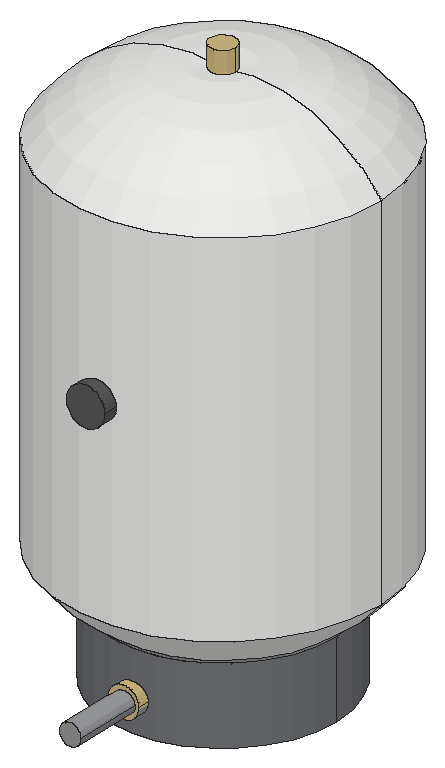
Revit family "CVC_Vase-expansion_Pneumatex_PNU", category Equipement de génie climatique, Revit 2026
Family settings
  Cote de connecteur circulaire = Utiliser le diamètre
  Type d'élément = Normal
  Basée sur le plan de construction = Non
  Toujours verticalement = Oui
  Couper avec des vides une fois chargée = Non
  Conserver l'orientation des annotations = Non
  Partagée = Non
  Repère de localisation dans la pièce = Non
Parameters (values of type "PNU")
  Source = "CCTP lot 12 § 4.3.3"
  Modèle = "PNU"
  Fabricant = "Pneumatex"
  Elévation par défaut = 0 mm
  Description = "Vase d expansion"
  Caractéristiques CCTP = "Vase sous pression d azote avec vessie ; 2 unités"
  A vérifier = "Volume non donné au CCTP : taille (Ø500x900) à dimensionner"
Reference planes
  plane 1 "Centre (avant/arrière)": y = 0
  plane 2: z = 0
  plane 3 "Centre (gauche/droite)": x = 0
Forms (mm)
  Extrusion 1, solid, material "EHPAD_anthracite"
    sketch origin (0, 0, 0) x (1, 0, 0) y (0, 1, 0)
      loop
        circle (0, 0) r 180
      loop
        circle (0, 0) r 165
    from 0 to 120
  Revolve 2, solid, material "EHPAD_blanc"
    sketch origin (0, 0, 0) x (0, 0, 1) y (1, 0, 0)
      loop
        line (90, 0) -> (860, 0)
        arc (860, 0) -> (846.445, 139.578) -> (760, 250) r 250.505
        line (760, 250) -> (190, 250)
        arc (190, 250) -> (103.555, 139.578) -> (90, 0) r 250.505
      axis (90, 0) -> (860, 0)
    angle from 0 to 360
  Extrusion 3, solid, material "EHPAD_acier"
    sketch origin (0, 0, 95) x (0, 1, 0) y (1, 0, 0)
      loop
        circle (0, 0) r 17
    from 0 to 50
  Extrusion 4, solid, material "EHPAD_acier"
    sketch origin (0, 0, 50) x (0, 0, -1) y (1, 0, 0)
      loop
        circle (0, 0) r 16.85
    from 0 to 300
  Extrusion 5, solid, material "EHPAD_laiton"
    sketch origin (0, -165, 50) x (0, 0, -1) y (1, 0, 0)
      loop
        circle (0, 0) r 23.905
    from 0 to 30
  Extrusion 6, solid, material "EHPAD_laiton"
    sketch origin (0, 0, 850) x (1, 0, 0) y (0, 1, 0)
      loop
        circle (0, 0) r 20
    from 0 to 45
  Extrusion 7, solid, material "EHPAD_noir"
    sketch origin (0, -245, 500) x (0, 0, -1) y (1, 0, 0)
      loop
        circle (0, 0) r 30
    from 0 to 25
Dimensions and locks
  aligned and locked: level to plane 2
Connectors
  piping at (0, -300, 50), diameter 25
    settings: on Extrusion 4, index 1, connector inside diameter 609.6 mm, connector length 0 mm, flow factor 0, pipe flow 0.0 L/s, pressure drop 0.0 Pa, fitting loss kfactor 0, connector angle 0.00°, fixture units 0, engagement length 0 mm, angle of deflection 0.00°, flow configuration 0, flow direction 0, fitting loss method 0, system type 7, joint type 0, gender type 0, connector reference index -1, connector utility 0, adjustable connector no, is connector primary yes, connector description "Raccordement vase"
